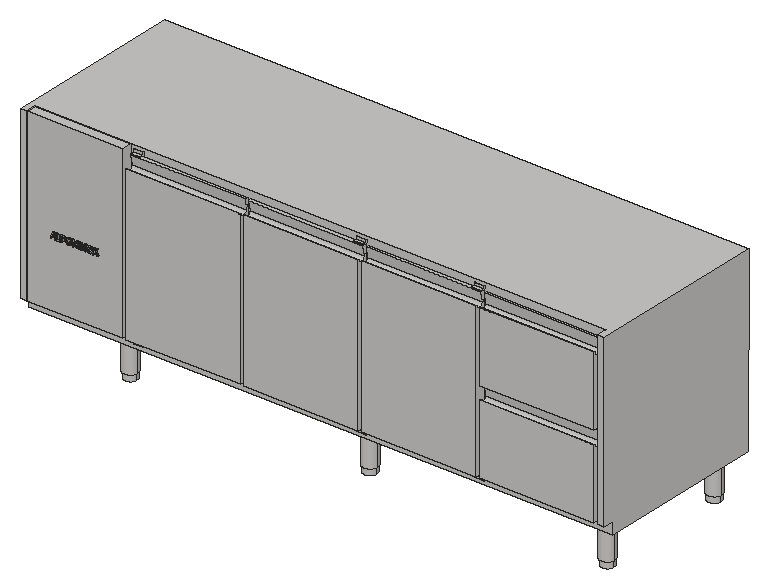
Revit family "QF_ALPENINOX_712066_AH4H7AAAB", category Specialty Equipment, Revit 2018 (continued)
Definition of nested family "ALP_Cooling Unit"
  Lines and regions (mm)
    Split face 125
      outline origin (55.016, 2, -221.122) x (0, 0, 1) y (-1, 0, 0)
        loop
          arc (510.649, 158.547) -> (506.648, 162.548) -> (502.647, 158.547) r 4.001
          line (502.647, 158.547) -> (502.647, 116.535)
          arc (502.647, 116.535) -> (506.648, 112.533) -> (510.649, 116.535) r 4.001
          line (510.649, 116.535) -> (510.649, 158.547)
    Split face 126
      outline origin (55.016, 2, -233.126) x (0, 0, 1) y (-1, 0, 0)
        loop
          arc (510.649, 158.547) -> (506.648, 162.548) -> (502.647, 158.547) r 4.001
          line (502.647, 158.547) -> (502.647, 116.535)
          arc (502.647, 116.535) -> (506.648, 112.533) -> (510.649, 116.535) r 4.001
          line (510.649, 116.535) -> (510.649, 158.547)
    Split face 127
      outline origin (55.016, 2, -245.129) x (0, 0, 1) y (-1, 0, 0)
        loop
          arc (510.649, 158.547) -> (506.648, 162.548) -> (502.647, 158.547) r 4.001
          line (502.647, 158.547) -> (502.647, 116.535)
          arc (502.647, 116.535) -> (506.648, 112.533) -> (510.649, 116.535) r 4.001
          line (510.649, 116.535) -> (510.649, 158.547)
    Split face 128
      outline origin (55.016, 2, -257.133) x (0, 0, 1) y (-1, 0, 0)
        loop
          arc (510.649, 158.547) -> (506.648, 162.548) -> (502.647, 158.547) r 4.001
          line (502.647, 158.547) -> (502.647, 116.535)
          arc (502.647, 116.535) -> (506.648, 112.533) -> (510.649, 116.535) r 4.001
          line (510.649, 116.535) -> (510.649, 158.547)
    Split face 129
      outline origin (55.016, 2, -269.136) x (0, 0, 1) y (-1, 0, 0)
        loop
          arc (510.649, 158.547) -> (506.648, 162.548) -> (502.647, 158.547) r 4.001
          line (502.647, 158.547) -> (502.647, 116.535)
          arc (502.647, 116.535) -> (506.648, 112.533) -> (510.649, 116.535) r 4.001
          line (510.649, 116.535) -> (510.649, 158.547)
    Split face 130
      outline origin (55.016, 2, -281.14) x (0, 0, 1) y (-1, 0, 0)
        loop
          arc (510.649, 158.547) -> (506.648, 162.548) -> (502.647, 158.547) r 4.001
          line (502.647, 158.547) -> (502.647, 116.535)
          arc (502.647, 116.535) -> (506.648, 112.533) -> (510.649, 116.535) r 4.001
          line (510.649, 116.535) -> (510.649, 158.547)
    Split face 131
      outline origin (55.016, 2, -293.144) x (0, 0, 1) y (-1, 0, 0)
        loop
          arc (510.649, 158.547) -> (506.648, 162.548) -> (502.647, 158.547) r 4.001
          line (502.647, 158.547) -> (502.647, 116.535)
          arc (502.647, 116.535) -> (506.648, 112.533) -> (510.649, 116.535) r 4.001
          line (510.649, 116.535) -> (510.649, 158.547)
    Split face 132
      outline origin (110.032, 2, -113.091) x (0, 0, 1) y (-1, 0, 0)
        loop
          arc (510.649, 158.547) -> (506.648, 162.548) -> (502.647, 158.547) r 4.001
          line (502.647, 158.547) -> (502.647, 116.535)
          arc (502.647, 116.535) -> (506.648, 112.533) -> (510.649, 116.535) r 4.001
          line (510.649, 116.535) -> (510.649, 158.547)
    Split face 133
      outline origin (110.032, 2, -125.094) x (0, 0, 1) y (-1, 0, 0)
        loop
          arc (510.649, 158.547) -> (506.648, 162.548) -> (502.647, 158.547) r 4.001
          line (502.647, 158.547) -> (502.647, 116.535)
          arc (502.647, 116.535) -> (506.648, 112.533) -> (510.649, 116.535) r 4.001
          line (510.649, 116.535) -> (510.649, 158.547)
    Split face 134
      outline origin (110.032, 2, -137.098) x (0, 0, 1) y (-1, 0, 0)
        loop
          arc (510.649, 158.547) -> (506.648, 162.548) -> (502.647, 158.547) r 4.001
          line (502.647, 158.547) -> (502.647, 116.535)
          arc (502.647, 116.535) -> (506.648, 112.533) -> (510.649, 116.535) r 4.001
          line (510.649, 116.535) -> (510.649, 158.547)
    Split face 135
      outline origin (110.032, 2, -149.101) x (0, 0, 1) y (-1, 0, 0)
        loop
          arc (510.649, 158.547) -> (506.648, 162.548) -> (502.647, 158.547) r 4.001
          line (502.647, 158.547) -> (502.647, 116.535)
          arc (502.647, 116.535) -> (506.648, 112.533) -> (510.649, 116.535) r 4.001
          line (510.649, 116.535) -> (510.649, 158.547)
    Split face 136
      outline origin (110.032, 2, -161.105) x (0, 0, 1) y (-1, 0, 0)
        loop
          arc (510.649, 158.547) -> (506.648, 162.548) -> (502.647, 158.547) r 4.001
          line (502.647, 158.547) -> (502.647, 116.535)
          arc (502.647, 116.535) -> (506.648, 112.533) -> (510.649, 116.535) r 4.001
          line (510.649, 116.535) -> (510.649, 158.547)
    Split face 137
      outline origin (110.032, 2, -173.108) x (0, 0, 1) y (-1, 0, 0)
        loop
          arc (510.649, 158.547) -> (506.648, 162.548) -> (502.647, 158.547) r 4.001
          line (502.647, 158.547) -> (502.647, 116.535)
          arc (502.647, 116.535) -> (506.648, 112.533) -> (510.649, 116.535) r 4.001
          line (510.649, 116.535) -> (510.649, 158.547)
    Split face 138
      outline origin (110.032, 2, -185.112) x (0, 0, 1) y (-1, 0, 0)
        loop
          arc (510.649, 158.547) -> (506.648, 162.548) -> (502.647, 158.547) r 4.001
          line (502.647, 158.547) -> (502.647, 116.535)
          arc (502.647, 116.535) -> (506.648, 112.533) -> (510.649, 116.535) r 4.001
          line (510.649, 116.535) -> (510.649, 158.547)
    Split face 139
      outline origin (110.032, 2, -197.115) x (0, 0, 1) y (-1, 0, 0)
        loop
          arc (510.649, 158.547) -> (506.648, 162.548) -> (502.647, 158.547) r 4.001
          line (502.647, 158.547) -> (502.647, 116.535)
          arc (502.647, 116.535) -> (506.648, 112.533) -> (510.649, 116.535) r 4.001
          line (510.649, 116.535) -> (510.649, 158.547)
    Split face 140
      outline origin (110.032, 2, -209.119) x (0, 0, 1) y (-1, 0, 0)
        loop
          arc (510.649, 158.547) -> (506.648, 162.548) -> (502.647, 158.547) r 4.001
          line (502.647, 158.547) -> (502.647, 116.535)
          arc (502.647, 116.535) -> (506.648, 112.533) -> (510.649, 116.535) r 4.001
          line (510.649, 116.535) -> (510.649, 158.547)
    Split face 141
      outline origin (110.032, 2, -221.122) x (0, 0, 1) y (-1, 0, 0)
        loop
          arc (510.649, 158.547) -> (506.648, 162.548) -> (502.647, 158.547) r 4.001
          line (502.647, 158.547) -> (502.647, 116.535)
          arc (502.647, 116.535) -> (506.648, 112.533) -> (510.649, 116.535) r 4.001
          line (510.649, 116.535) -> (510.649, 158.547)
    Split face 142
      outline origin (110.032, 2, -233.126) x (0, 0, 1) y (-1, 0, 0)
        loop
          arc (510.649, 158.547) -> (506.648, 162.548) -> (502.647, 158.547) r 4.001
          line (502.647, 158.547) -> (502.647, 116.535)
          arc (502.647, 116.535) -> (506.648, 112.533) -> (510.649, 116.535) r 4.001
          line (510.649, 116.535) -> (510.649, 158.547)
    Split face 143
      outline origin (110.032, 2, -245.129) x (0, 0, 1) y (-1, 0, 0)
        loop
          arc (510.649, 158.547) -> (506.648, 162.548) -> (502.647, 158.547) r 4.001
          line (502.647, 158.547) -> (502.647, 116.535)
          arc (502.647, 116.535) -> (506.648, 112.533) -> (510.649, 116.535) r 4.001
          line (510.649, 116.535) -> (510.649, 158.547)
    Split face 144
      outline origin (110.032, 2, -257.133) x (0, 0, 1) y (-1, 0, 0)
        loop
          arc (510.649, 158.547) -> (506.648, 162.548) -> (502.647, 158.547) r 4.001
          line (502.647, 158.547) -> (502.647, 116.535)
          arc (502.647, 116.535) -> (506.648, 112.533) -> (510.649, 116.535) r 4.001
          line (510.649, 116.535) -> (510.649, 158.547)
    Split face 145
      outline origin (110.032, 2, -269.136) x (0, 0, 1) y (-1, 0, 0)
        loop
          arc (510.649, 158.547) -> (506.648, 162.548) -> (502.647, 158.547) r 4.001
          line (502.647, 158.547) -> (502.647, 116.535)
          arc (502.647, 116.535) -> (506.648, 112.533) -> (510.649, 116.535) r 4.001
          line (510.649, 116.535) -> (510.649, 158.547)
    Split face 146
      outline origin (110.032, 2, -281.14) x (0, 0, 1) y (-1, 0, 0)
        loop
          arc (510.649, 158.547) -> (506.648, 162.548) -> (502.647, 158.547) r 4.001
          line (502.647, 158.547) -> (502.647, 116.535)
          arc (502.647, 116.535) -> (506.648, 112.533) -> (510.649, 116.535) r 4.001
          line (510.649, 116.535) -> (510.649, 158.547)
    Split face 147
      outline origin (110.032, 2, -293.144) x (0, 0, 1) y (-1, 0, 0)
        loop
          arc (510.649, 158.547) -> (506.648, 162.548) -> (502.647, 158.547) r 4.001
          line (502.647, 158.547) -> (502.647, 116.535)
          arc (502.647, 116.535) -> (506.648, 112.533) -> (510.649, 116.535) r 4.001
          line (510.649, 116.535) -> (510.649, 158.547)
    Split face 148
      outline origin (165.048, 2, -113.091) x (0, 0, 1) y (-1, 0, 0)
        loop
          arc (510.649, 158.547) -> (506.648, 162.548) -> (502.647, 158.547) r 4.001
          line (502.647, 158.547) -> (502.647, 116.535)
          arc (502.647, 116.535) -> (506.648, 112.533) -> (510.649, 116.535) r 4.001
          line (510.649, 116.535) -> (510.649, 158.547)
    Split face 149
      outline origin (165.048, 2, -125.094) x (0, 0, 1) y (-1, 0, 0)
        loop
          arc (510.649, 158.547) -> (506.648, 162.548) -> (502.647, 158.547) r 4.001
          line (502.647, 158.547) -> (502.647, 116.535)
          arc (502.647, 116.535) -> (506.648, 112.533) -> (510.649, 116.535) r 4.001
          line (510.649, 116.535) -> (510.649, 158.547)
    Split face 150
      outline origin (165.048, 2, -137.098) x (0, 0, 1) y (-1, 0, 0)
        loop
          arc (510.649, 158.547) -> (506.648, 162.548) -> (502.647, 158.547) r 4.001
          line (502.647, 158.547) -> (502.647, 116.535)
          arc (502.647, 116.535) -> (506.648, 112.533) -> (510.649, 116.535) r 4.001
          line (510.649, 116.535) -> (510.649, 158.547)
    Split face 151
      outline origin (165.048, 2, -149.101) x (0, 0, 1) y (-1, 0, 0)
        loop
          arc (510.649, 158.547) -> (506.648, 162.548) -> (502.647, 158.547) r 4.001
          line (502.647, 158.547) -> (502.647, 116.535)
          arc (502.647, 116.535) -> (506.648, 112.533) -> (510.649, 116.535) r 4.001
          line (510.649, 116.535) -> (510.649, 158.547)
    Split face 152
      outline origin (165.048, 2, -161.105) x (0, 0, 1) y (-1, 0, 0)
        loop
          arc (510.649, 158.547) -> (506.648, 162.548) -> (502.647, 158.547) r 4.001
          line (502.647, 158.547) -> (502.647, 116.535)
          arc (502.647, 116.535) -> (506.648, 112.533) -> (510.649, 116.535) r 4.001
          line (510.649, 116.535) -> (510.649, 158.547)
    Split face 153
      outline origin (165.048, 2, -173.108) x (0, 0, 1) y (-1, 0, 0)
        loop
          arc (510.649, 158.547) -> (506.648, 162.548) -> (502.647, 158.547) r 4.001
          line (502.647, 158.547) -> (502.647, 116.535)
          arc (502.647, 116.535) -> (506.648, 112.533) -> (510.649, 116.535) r 4.001
          line (510.649, 116.535) -> (510.649, 158.547)
    Split face 154
      outline origin (165.048, 2, -185.112) x (0, 0, 1) y (-1, 0, 0)
        loop
          arc (510.649, 158.547) -> (506.648, 162.548) -> (502.647, 158.547) r 4.001
          line (502.647, 158.547) -> (502.647, 116.535)
          arc (502.647, 116.535) -> (506.648, 112.533) -> (510.649, 116.535) r 4.001
          line (510.649, 116.535) -> (510.649, 158.547)
    Split face 155
      outline origin (165.048, 2, -197.115) x (0, 0, 1) y (-1, 0, 0)
        loop
          arc (510.649, 158.547) -> (506.648, 162.548) -> (502.647, 158.547) r 4.001
          line (502.647, 158.547) -> (502.647, 116.535)
          arc (502.647, 116.535) -> (506.648, 112.533) -> (510.649, 116.535) r 4.001
          line (510.649, 116.535) -> (510.649, 158.547)
    Split face 156
      outline origin (165.048, 2, -209.119) x (0, 0, 1) y (-1, 0, 0)
        loop
          arc (510.649, 158.547) -> (506.648, 162.548) -> (502.647, 158.547) r 4.001
          line (502.647, 158.547) -> (502.647, 116.535)
          arc (502.647, 116.535) -> (506.648, 112.533) -> (510.649, 116.535) r 4.001
          line (510.649, 116.535) -> (510.649, 158.547)
    Split face 157
      outline origin (165.048, 2, -221.122) x (0, 0, 1) y (-1, 0, 0)
        loop
          arc (510.649, 158.547) -> (506.648, 162.548) -> (502.647, 158.547) r 4.001
          line (502.647, 158.547) -> (502.647, 116.535)
          arc (502.647, 116.535) -> (506.648, 112.533) -> (510.649, 116.535) r 4.001
          line (510.649, 116.535) -> (510.649, 158.547)
    Split face 158
      outline origin (165.048, 2, -233.126) x (0, 0, 1) y (-1, 0, 0)
        loop
          arc (510.649, 158.547) -> (506.648, 162.548) -> (502.647, 158.547) r 4.001
          line (502.647, 158.547) -> (502.647, 116.535)
          arc (502.647, 116.535) -> (506.648, 112.533) -> (510.649, 116.535) r 4.001
          line (510.649, 116.535) -> (510.649, 158.547)
    Split face 159
      outline origin (165.048, 2, -245.129) x (0, 0, 1) y (-1, 0, 0)
        loop
          arc (510.649, 158.547) -> (506.648, 162.548) -> (502.647, 158.547) r 4.001
          line (502.647, 158.547) -> (502.647, 116.535)
          arc (502.647, 116.535) -> (506.648, 112.533) -> (510.649, 116.535) r 4.001
          line (510.649, 116.535) -> (510.649, 158.547)
    Split face 160
      outline origin (165.048, 2, -257.133) x (0, 0, 1) y (-1, 0, 0)
        loop
          arc (510.649, 158.547) -> (506.648, 162.548) -> (502.647, 158.547) r 4.001
          line (502.647, 158.547) -> (502.647, 116.535)
          arc (502.647, 116.535) -> (506.648, 112.533) -> (510.649, 116.535) r 4.001
          line (510.649, 116.535) -> (510.649, 158.547)
    Split face 161
      outline origin (165.048, 2, -269.136) x (0, 0, 1) y (-1, 0, 0)
        loop
          arc (510.649, 158.547) -> (506.648, 162.548) -> (502.647, 158.547) r 4.001
          line (502.647, 158.547) -> (502.647, 116.535)
          arc (502.647, 116.535) -> (506.648, 112.533) -> (510.649, 116.535) r 4.001
          line (510.649, 116.535) -> (510.649, 158.547)
    Split face 162
      outline origin (165.048, 2, -281.14) x (0, 0, 1) y (-1, 0, 0)
        loop
          arc (510.649, 158.547) -> (506.648, 162.548) -> (502.647, 158.547) r 4.001
          line (502.647, 158.547) -> (502.647, 116.535)
          arc (502.647, 116.535) -> (506.648, 112.533) -> (510.649, 116.535) r 4.001
          line (510.649, 116.535) -> (510.649, 158.547)
    Split face 163
      outline origin (165.048, 2, -293.144) x (0, 0, 1) y (-1, 0, 0)
        loop
          arc (510.649, 158.547) -> (506.648, 162.548) -> (502.647, 158.547) r 4.001
          line (502.647, 158.547) -> (502.647, 116.535)
          arc (502.647, 116.535) -> (506.648, 112.533) -> (510.649, 116.535) r 4.001
          line (510.649, 116.535) -> (510.649, 158.547)
    Split face 164
      outline origin (220.064, 2, -113.091) x (0, 0, 1) y (-1, 0, 0)
        loop
          arc (510.649, 158.547) -> (506.648, 162.548) -> (502.647, 158.547) r 4.001
          line (502.647, 158.547) -> (502.647, 116.535)
          arc (502.647, 116.535) -> (506.648, 112.533) -> (510.649, 116.535) r 4.001
          line (510.649, 116.535) -> (510.649, 158.547)
    Split face 165
      outline origin (220.064, 2, -125.094) x (0, 0, 1) y (-1, 0, 0)
        loop
          arc (510.649, 158.547) -> (506.648, 162.548) -> (502.647, 158.547) r 4.001
          line (502.647, 158.547) -> (502.647, 116.535)
          arc (502.647, 116.535) -> (506.648, 112.533) -> (510.649, 116.535) r 4.001
          line (510.649, 116.535) -> (510.649, 158.547)
    Split face 166
      outline origin (220.064, 2, -137.098) x (0, 0, 1) y (-1, 0, 0)
        loop
          arc (510.649, 158.547) -> (506.648, 162.548) -> (502.647, 158.547) r 4.001
          line (502.647, 158.547) -> (502.647, 116.535)
          arc (502.647, 116.535) -> (506.648, 112.533) -> (510.649, 116.535) r 4.001
          line (510.649, 116.535) -> (510.649, 158.547)
    Split face 167
      outline origin (220.064, 2, -149.101) x (0, 0, 1) y (-1, 0, 0)
        loop
          arc (510.649, 158.547) -> (506.648, 162.548) -> (502.647, 158.547) r 4.001
          line (502.647, 158.547) -> (502.647, 116.535)
          arc (502.647, 116.535) -> (506.648, 112.533) -> (510.649, 116.535) r 4.001
          line (510.649, 116.535) -> (510.649, 158.547)
    Split face 168
      outline origin (220.064, 2, -161.105) x (0, 0, 1) y (-1, 0, 0)
        loop
          arc (510.649, 158.547) -> (506.648, 162.548) -> (502.647, 158.547) r 4.001
          line (502.647, 158.547) -> (502.647, 116.535)
          arc (502.647, 116.535) -> (506.648, 112.533) -> (510.649, 116.535) r 4.001
          line (510.649, 116.535) -> (510.649, 158.547)
    Split face 169
      outline origin (220.064, 2, -173.108) x (0, 0, 1) y (-1, 0, 0)
        loop
          arc (510.649, 158.547) -> (506.648, 162.548) -> (502.647, 158.547) r 4.001
          line (502.647, 158.547) -> (502.647, 116.535)
          arc (502.647, 116.535) -> (506.648, 112.533) -> (510.649, 116.535) r 4.001
          line (510.649, 116.535) -> (510.649, 158.547)
    Split face 170
      outline origin (220.064, 2, -185.112) x (0, 0, 1) y (-1, 0, 0)
        loop
          arc (510.649, 158.547) -> (506.648, 162.548) -> (502.647, 158.547) r 4.001
          line (502.647, 158.547) -> (502.647, 116.535)
          arc (502.647, 116.535) -> (506.648, 112.533) -> (510.649, 116.535) r 4.001
          line (510.649, 116.535) -> (510.649, 158.547)
    Split face 171
      outline origin (220.064, 2, -197.115) x (0, 0, 1) y (-1, 0, 0)
        loop
          arc (510.649, 158.547) -> (506.648, 162.548) -> (502.647, 158.547) r 4.001
          line (502.647, 158.547) -> (502.647, 116.535)
          arc (502.647, 116.535) -> (506.648, 112.533) -> (510.649, 116.535) r 4.001
          line (510.649, 116.535) -> (510.649, 158.547)
    Split face 172
      outline origin (220.064, 2, -209.119) x (0, 0, 1) y (-1, 0, 0)
        loop
          arc (510.649, 158.547) -> (506.648, 162.548) -> (502.647, 158.547) r 4.001
          line (502.647, 158.547) -> (502.647, 116.535)
          arc (502.647, 116.535) -> (506.648, 112.533) -> (510.649, 116.535) r 4.001
          line (510.649, 116.535) -> (510.649, 158.547)
    Split face 173
      outline origin (220.064, 2, -221.122) x (0, 0, 1) y (-1, 0, 0)
        loop
          arc (510.649, 158.547) -> (506.648, 162.548) -> (502.647, 158.547) r 4.001
          line (502.647, 158.547) -> (502.647, 116.535)
          arc (502.647, 116.535) -> (506.648, 112.533) -> (510.649, 116.535) r 4.001
          line (510.649, 116.535) -> (510.649, 158.547)
    Split face 174
      outline origin (220.064, 2, -233.126) x (0, 0, 1) y (-1, 0, 0)
        loop
          arc (510.649, 158.547) -> (506.648, 162.548) -> (502.647, 158.547) r 4.001
          line (502.647, 158.547) -> (502.647, 116.535)
          arc (502.647, 116.535) -> (506.648, 112.533) -> (510.649, 116.535) r 4.001
          line (510.649, 116.535) -> (510.649, 158.547)
    Split face 175
      outline origin (220.064, 2, -245.129) x (0, 0, 1) y (-1, 0, 0)
        loop
          arc (510.649, 158.547) -> (506.648, 162.548) -> (502.647, 158.547) r 4.001
          line (502.647, 158.547) -> (502.647, 116.535)
          arc (502.647, 116.535) -> (506.648, 112.533) -> (510.649, 116.535) r 4.001
          line (510.649, 116.535) -> (510.649, 158.547)
    Split face 176
      outline origin (220.064, 2, -257.133) x (0, 0, 1) y (-1, 0, 0)
        loop
          arc (510.649, 158.547) -> (506.648, 162.548) -> (502.647, 158.547) r 4.001
          line (502.647, 158.547) -> (502.647, 116.535)
          arc (502.647, 116.535) -> (506.648, 112.533) -> (510.649, 116.535) r 4.001
          line (510.649, 116.535) -> (510.649, 158.547)
    Split face 177
      outline origin (220.064, 2, -269.136) x (0, 0, 1) y (-1, 0, 0)
        loop
          arc (510.649, 158.547) -> (506.648, 162.548) -> (502.647, 158.547) r 4.001
          line (502.647, 158.547) -> (502.647, 116.535)
          arc (502.647, 116.535) -> (506.648, 112.533) -> (510.649, 116.535) r 4.001
          line (510.649, 116.535) -> (510.649, 158.547)
    Split face 178
      outline origin (220.064, 2, -281.14) x (0, 0, 1) y (-1, 0, 0)
        loop
          arc (510.649, 158.547) -> (506.648, 162.548) -> (502.647, 158.547) r 4.001
          line (502.647, 158.547) -> (502.647, 116.535)
          arc (502.647, 116.535) -> (506.648, 112.533) -> (510.649, 116.535) r 4.001
          line (510.649, 116.535) -> (510.649, 158.547)
    Split face 179
      outline origin (220.064, 2, -293.144) x (0, 0, 1) y (-1, 0, 0)
        loop
          arc (510.649, 158.547) -> (506.648, 162.548) -> (502.647, 158.547) r 4.001
          line (502.647, 158.547) -> (502.647, 116.535)
          arc (502.647, 116.535) -> (506.648, 112.533) -> (510.649, 116.535) r 4.001
          line (510.649, 116.535) -> (510.649, 158.547)
    Split face 180
      outline origin (275.081, 2, -113.091) x (0, 0, 1) y (-1, 0, 0)
        loop
          arc (510.649, 158.547) -> (506.648, 162.548) -> (502.647, 158.547) r 4.001
          line (502.647, 158.547) -> (502.647, 116.535)
          arc (502.647, 116.535) -> (506.648, 112.533) -> (510.649, 116.535) r 4.001
          line (510.649, 116.535) -> (510.649, 158.547)
    Split face 181
      outline origin (275.081, 2, -125.094) x (0, 0, 1) y (-1, 0, 0)
        loop
          arc (510.649, 158.547) -> (506.648, 162.548) -> (502.647, 158.547) r 4.001
          line (502.647, 158.547) -> (502.647, 116.535)
          arc (502.647, 116.535) -> (506.648, 112.533) -> (510.649, 116.535) r 4.001
          line (510.649, 116.535) -> (510.649, 158.547)
    Split face 182
      outline origin (275.081, 2, -137.098) x (0, 0, 1) y (-1, 0, 0)
        loop
          arc (510.649, 158.547) -> (506.648, 162.548) -> (502.647, 158.547) r 4.001
          line (502.647, 158.547) -> (502.647, 116.535)
          arc (502.647, 116.535) -> (506.648, 112.533) -> (510.649, 116.535) r 4.001
          line (510.649, 116.535) -> (510.649, 158.547)
    Split face 183
      outline origin (275.081, 2, -149.101) x (0, 0, 1) y (-1, 0, 0)
        loop
          arc (510.649, 158.547) -> (506.648, 162.548) -> (502.647, 158.547) r 4.001
          line (502.647, 158.547) -> (502.647, 116.535)
          arc (502.647, 116.535) -> (506.648, 112.533) -> (510.649, 116.535) r 4.001
          line (510.649, 116.535) -> (510.649, 158.547)
    Split face 184
      outline origin (275.081, 2, -161.105) x (0, 0, 1) y (-1, 0, 0)
        loop
          arc (510.649, 158.547) -> (506.648, 162.548) -> (502.647, 158.547) r 4.001
          line (502.647, 158.547) -> (502.647, 116.535)
          arc (502.647, 116.535) -> (506.648, 112.533) -> (510.649, 116.535) r 4.001
          line (510.649, 116.535) -> (510.649, 158.547)
    Split face 185
      outline origin (275.081, 2, -173.108) x (0, 0, 1) y (-1, 0, 0)
        loop
          arc (510.649, 158.547) -> (506.648, 162.548) -> (502.647, 158.547) r 4.001
          line (502.647, 158.547) -> (502.647, 116.535)
          arc (502.647, 116.535) -> (506.648, 112.533) -> (510.649, 116.535) r 4.001
          line (510.649, 116.535) -> (510.649, 158.547)
    Split face 186
      outline origin (275.081, 2, -185.112) x (0, 0, 1) y (-1, 0, 0)
        loop
          arc (510.649, 158.547) -> (506.648, 162.548) -> (502.647, 158.547) r 4.001
          line (502.647, 158.547) -> (502.647, 116.535)
          arc (502.647, 116.535) -> (506.648, 112.533) -> (510.649, 116.535) r 4.001
          line (510.649, 116.535) -> (510.649, 158.547)
    Split face 187
      outline origin (275.081, 2, -197.115) x (0, 0, 1) y (-1, 0, 0)
        loop
          arc (510.649, 158.547) -> (506.648, 162.548) -> (502.647, 158.547) r 4.001
          line (502.647, 158.547) -> (502.647, 116.535)
          arc (502.647, 116.535) -> (506.648, 112.533) -> (510.649, 116.535) r 4.001
          line (510.649, 116.535) -> (510.649, 158.547)
    Split face 188
      outline origin (275.081, 2, -209.119) x (0, 0, 1) y (-1, 0, 0)
        loop
          arc (510.649, 158.547) -> (506.648, 162.548) -> (502.647, 158.547) r 4.001
          line (502.647, 158.547) -> (502.647, 116.535)
          arc (502.647, 116.535) -> (506.648, 112.533) -> (510.649, 116.535) r 4.001
          line (510.649, 116.535) -> (510.649, 158.547)
    Split face 189
      outline origin (275.081, 2, -221.122) x (0, 0, 1) y (-1, 0, 0)
        loop
          arc (510.649, 158.547) -> (506.648, 162.548) -> (502.647, 158.547) r 4.001
          line (502.647, 158.547) -> (502.647, 116.535)
          arc (502.647, 116.535) -> (506.648, 112.533) -> (510.649, 116.535) r 4.001
          line (510.649, 116.535) -> (510.649, 158.547)
    Split face 190
      outline origin (275.081, 2, -233.126) x (0, 0, 1) y (-1, 0, 0)
        loop
          arc (510.649, 158.547) -> (506.648, 162.548) -> (502.647, 158.547) r 4.001
          line (502.647, 158.547) -> (502.647, 116.535)
          arc (502.647, 116.535) -> (506.648, 112.533) -> (510.649, 116.535) r 4.001
          line (510.649, 116.535) -> (510.649, 158.547)
    Split face 191
      outline origin (275.081, 2, -245.129) x (0, 0, 1) y (-1, 0, 0)
        loop
          arc (510.649, 158.547) -> (506.648, 162.548) -> (502.647, 158.547) r 4.001
          line (502.647, 158.547) -> (502.647, 116.535)
          arc (502.647, 116.535) -> (506.648, 112.533) -> (510.649, 116.535) r 4.001
          line (510.649, 116.535) -> (510.649, 158.547)
    Split face 192
      outline origin (275.081, 2, -257.133) x (0, 0, 1) y (-1, 0, 0)
        loop
          arc (510.649, 158.547) -> (506.648, 162.548) -> (502.647, 158.547) r 4.001
          line (502.647, 158.547) -> (502.647, 116.535)
          arc (502.647, 116.535) -> (506.648, 112.533) -> (510.649, 116.535) r 4.001
          line (510.649, 116.535) -> (510.649, 158.547)
    Split face 193
      outline origin (275.081, 2, -269.136) x (0, 0, 1) y (-1, 0, 0)
        loop
          arc (510.649, 158.547) -> (506.648, 162.548) -> (502.647, 158.547) r 4.001
          line (502.647, 158.547) -> (502.647, 116.535)
          arc (502.647, 116.535) -> (506.648, 112.533) -> (510.649, 116.535) r 4.001
          line (510.649, 116.535) -> (510.649, 158.547)
    Split face 194
      outline origin (275.081, 2, -281.14) x (0, 0, 1) y (-1, 0, 0)
        loop
          arc (510.649, 158.547) -> (506.648, 162.548) -> (502.647, 158.547) r 4.001
          line (502.647, 158.547) -> (502.647, 116.535)
          arc (502.647, 116.535) -> (506.648, 112.533) -> (510.649, 116.535) r 4.001
          line (510.649, 116.535) -> (510.649, 158.547)
    Split face 195
      outline origin (275.081, 2, -293.144) x (0, 0, 1) y (-1, 0, 0)
        loop
          arc (510.649, 158.547) -> (506.648, 162.548) -> (502.647, 158.547) r 4.001
          line (502.647, 158.547) -> (502.647, 116.535)
          arc (502.647, 116.535) -> (506.648, 112.533) -> (510.649, 116.535) r 4.001
          line (510.649, 116.535) -> (510.649, 158.547)
  Dimensions and locks
    aligned and locked: level to plane 2
  Nested families
    nested 1: "ALP_Logo_S" at (0, 2, 458.586) x (1, 0, 0) z (0, -1, 0), visible <- "Show Logo", type "ALP_Logo_S"
  Definition of nested family "ALP_Logo_S"
    Parameters
      Default Elevation = 0 mm
    Reference planes
      plane 1 "Centro (Fronte/Retro)": y = 0
      plane 2: z = 0
      plane 3 "Centro (Sinistra/Destra)": x = 0
    Forms (mm)
      Extrusion 1, solid
        sketch origin (0, 0, 0) x (1, 0, 0) y (0, 1, 0)
          loop
            line (-1219.2, 1219.2) -> (-1219.2, -1219.2) -> (1219.2, -1219.2) -> (1219.2, 1219.2) -> (-1219.2, 1219.2)
        from 0 to -304.8
      Extrusion 2, solid
        sketch origin (17.793, -46.218, 0) x (-1, 0, 0) y (0, -1, 0)
          loop
            line (109.007, -37.469) -> (109.244, -36.361)
            spline (109.244, -36.361) -> (109.221, -36.03) -> (109.153, -35.716) -> (109.043, -35.42) -> (108.895, -35.146) -> (108.713, -34.896) -> (108.498, -34.671) -> (108.255, -34.475) -> (107.987, -34.309) -> (107.697, -34.176) -> (107.388, -34.078) -> (107.064, -34.017) -> (106.728, -33.997)
            spline (106.728, -33.997) -> (106.393, -34.012) -> (106.085, -34.057) -> (105.803, -34.129) -> (105.547, -34.228) -> (105.315, -34.352) -> (105.105, -34.499) -> (104.918, -34.668) -> (104.752, -34.858) -> (104.605, -35.066) -> (104.478, -35.291) -> (104.368, -35.532) -> (104.275, -35.787)
            line (104.275, -35.787) -> (103.256, -38.92) -> (93.799, -38.92) -> (92.773, -35.75)
            spline (92.773, -35.75) -> (92.68, -35.504) -> (92.57, -35.27) -> (92.443, -35.05) -> (92.296, -34.847) -> (92.129, -34.661) -> (91.941, -34.495) -> (91.729, -34.35) -> (91.494, -34.227) -> (91.234, -34.129) -> (90.948, -34.056) -> (90.634, -34.012) -> (90.292, -33.997)
            spline (90.292, -33.997) -> (89.98, -34.015) -> (89.679, -34.07) -> (89.392, -34.16) -> (89.122, -34.282) -> (88.871, -34.436) -> (88.644, -34.618) -> (88.442, -34.828) -> (88.271, -35.063) -> (88.132, -35.322) -> (88.028, -35.604) -> (87.964, -35.905) -> (87.942, -36.225)
            line (87.942, -36.225) -> (88.215, -37.469) -> (94.885, -55.826)
            spline (94.885, -55.826) -> (95.044, -56.22) -> (95.23, -56.593) -> (95.444, -56.943) -> (95.685, -57.268) -> (95.953, -57.564) -> (96.246, -57.829) -> (96.565, -58.06) -> (96.909, -58.255) -> (97.278, -58.412) -> (97.672, -58.527) -> (98.088, -58.597) -> (98.529, -58.622)
            spline (98.529, -58.622) -> (98.953, -58.596) -> (99.359, -58.522) -> (99.746, -58.402) -> (100.112, -58.241) -> (100.457, -58.04) -> (100.78, -57.804) -> (101.078, -57.536) -> (101.351, -57.238) -> (101.599, -56.916) -> (101.818, -56.57) -> (102.009, -56.206) -> (102.171, -55.826)
            line (102.171, -55.826) -> (109.007, -37.469)
          loop
            line (101.794, -43.576) -> (95.326, -43.576) -> (98.522, -53.458) -> (101.794, -43.576)
          loop
            spline (85.755, -36.964) -> (85.735, -36.556) -> (85.675, -36.175) -> (85.576, -35.822) -> (85.439, -35.499) -> (85.266, -35.208) -> (85.056, -34.95) -> (84.812, -34.727) -> (84.534, -34.541) -> (84.223, -34.394) -> (83.881, -34.286) -> (83.507, -34.22) -> (83.104, -34.198)
            line (83.104, -34.198) -> (74.598, -34.198)
            spline (74.598, -34.198) -> (74.236, -34.221) -> (73.9, -34.286) -> (73.592, -34.39) -> (73.311, -34.528) -> (73.058, -34.698) -> (72.835, -34.895) -> (72.641, -35.114) -> (72.478, -35.354) -> (72.347, -35.608) -> (72.247, -35.874) -> (72.181, -36.148) -> (72.148, -36.426)
            spline (72.148, -36.426) -> (72.156, -36.715) -> (72.197, -37.004) -> (72.272, -37.289) -> (72.382, -37.565) -> (72.528, -37.827) -> (72.709, -38.07) -> (72.927, -38.288) -> (73.183, -38.478) -> (73.478, -38.635) -> (73.811, -38.752) -> (74.184, -38.827) -> (74.598, -38.852)
            line (74.598, -38.852) -> (80.653, -38.852) -> (80.653, -55.789)
            spline (80.653, -55.789) -> (80.675, -56.195) -> (80.741, -56.569) -> (80.846, -56.912) -> (80.99, -57.221) -> (81.169, -57.497) -> (81.381, -57.738) -> (81.624, -57.944) -> (81.894, -58.114) -> (82.191, -58.247) -> (82.51, -58.343) -> (82.85, -58.402) -> (83.208, -58.421)
            spline (83.208, -58.421) -> (83.565, -58.402) -> (83.904, -58.343) -> (84.222, -58.247) -> (84.517, -58.114) -> (84.787, -57.944) -> (85.029, -57.738) -> (85.241, -57.497) -> (85.419, -57.221) -> (85.563, -56.912) -> (85.668, -56.569) -> (85.733, -56.195) -> (85.755, -55.789)
            line (85.755, -55.789) -> (85.755, -36.964)
          loop
            spline (69.963, -36.629) -> (69.941, -36.222) -> (69.876, -35.847) -> (69.77, -35.505) -> (69.627, -35.196) -> (69.448, -34.921) -> (69.236, -34.68) -> (68.993, -34.474) -> (68.723, -34.305) -> (68.427, -34.171) -> (68.108, -34.075) -> (67.769, -34.017) -> (67.412, -33.998)
            spline (67.412, -33.998) -> (67.055, -34.017) -> (66.716, -34.075) -> (66.397, -34.171) -> (66.101, -34.305) -> (65.832, -34.474) -> (65.59, -34.68) -> (65.378, -34.921) -> (65.2, -35.196) -> (65.057, -35.505) -> (64.951, -35.847) -> (64.886, -36.222) -> (64.864, -36.629)
            line (64.864, -36.629) -> (64.864, -42.161) -> (61.085, -42.161)
            spline (61.085, -42.161) -> (59.938, -42.224) -> (58.836, -42.411) -> (57.789, -42.717) -> (56.807, -43.139) -> (55.902, -43.671) -> (55.083, -44.311) -> (54.361, -45.053) -> (53.747, -45.894) -> (53.251, -46.829) -> (52.884, -47.854) -> (52.656, -48.965) -> (52.577, -50.158)
            spline (52.577, -50.158) -> (52.653, -51.33) -> (52.875, -52.429) -> (53.235, -53.452) -> (53.724, -54.391) -> (54.334, -55.241) -> (55.057, -55.997) -> (55.884, -56.652) -> (56.807, -57.201) -> (57.817, -57.638) -> (58.906, -57.957) -> (60.067, -58.153) -> (61.289, -58.22)
            line (61.289, -58.22) -> (67.306, -58.22)
            spline (67.306, -58.22) -> (67.716, -58.198) -> (68.095, -58.135) -> (68.44, -58.031) -> (68.752, -57.889) -> (69.031, -57.711) -> (69.274, -57.498) -> (69.482, -57.251) -> (69.653, -56.974) -> (69.788, -56.667) -> (69.885, -56.332) -> (69.944, -55.972) -> (69.963, -55.587)
            line (69.963, -55.587) -> (69.963, -36.629)
          loop
            line (64.864, -53.764) -> (64.864, -46.61) -> (61.384, -46.61)
            spline (61.384, -46.61) -> (60.866, -46.642) -> (60.382, -46.735) -> (59.935, -46.885) -> (59.526, -47.089) -> (59.158, -47.342) -> (58.832, -47.641) -> (58.551, -47.983) -> (58.317, -48.362) -> (58.131, -48.777) -> (57.995, -49.222) -> (57.913, -49.694) -> (57.885, -50.189)
            spline (57.885, -50.189) -> (57.913, -50.684) -> (57.995, -51.156) -> (58.131, -51.601) -> (58.317, -52.015) -> (58.551, -52.394) -> (58.832, -52.735) -> (59.158, -53.034) -> (59.526, -53.287) -> (59.935, -53.49) -> (60.382, -53.64) -> (60.866, -53.733) -> (61.384, -53.764)
            line (61.384, -53.764) -> (64.864, -53.764)
          loop
            spline (32.388, -43.737) -> (31.645, -43.763) -> (30.977, -43.84) -> (30.381, -43.966) -> (29.857, -44.139) -> (29.401, -44.355) -> (29.012, -44.613) -> (28.688, -44.91) -> (28.428, -45.245) -> (28.228, -45.614) -> (28.088, -46.015) -> (28.006, -46.447) -> (27.979, -46.906)
            spline (27.979, -46.906) -> (28.073, -48.241) -> (28.349, -49.591) -> (28.801, -50.931) -> (29.42, -52.236) -> (30.198, -53.481) -> (31.128, -54.642) -> (32.202, -55.693) -> (33.412, -56.608) -> (34.751, -57.364) -> (36.211, -57.935) -> (37.784, -58.296) -> (39.462, -58.422)
            spline (39.462, -58.422) -> (41.103, -58.303) -> (42.649, -57.959) -> (44.091, -57.408) -> (45.422, -56.668) -> (46.63, -55.759) -> (47.707, -54.697) -> (48.644, -53.501) -> (49.431, -52.19) -> (50.059, -50.782) -> (50.52, -49.295) -> (50.803, -47.748) -> (50.899, -46.159)
            spline (50.899, -46.159) -> (50.801, -44.451) -> (50.511, -42.83) -> (50.039, -41.308) -> (49.392, -39.896) -> (48.579, -38.607) -> (47.608, -37.451) -> (46.488, -36.441) -> (45.226, -35.588) -> (43.831, -34.905) -> (42.311, -34.402) -> (40.675, -34.091) -> (38.93, -33.985)
            spline (38.93, -33.985) -> (37.728, -34.039) -> (36.511, -34.193) -> (35.301, -34.44) -> (34.12, -34.77) -> (32.993, -35.175) -> (31.942, -35.645) -> (30.99, -36.172) -> (30.16, -36.746) -> (29.474, -37.36) -> (28.956, -38.004) -> (28.628, -38.669) -> (28.514, -39.347)
            spline (28.514, -39.347) -> (28.53, -39.685) -> (28.577, -40.017) -> (28.656, -40.338) -> (28.765, -40.643) -> (28.905, -40.928) -> (29.073, -41.19) -> (29.27, -41.423) -> (29.495, -41.623) -> (29.748, -41.787) -> (30.028, -41.91) -> (30.333, -41.987) -> (30.665, -42.014)
            spline (30.665, -42.014) -> (31.199, -41.95) -> (31.712, -41.768) -> (32.22, -41.491) -> (32.738, -41.145) -> (33.281, -40.752) -> (33.868, -40.337) -> (34.512, -39.924) -> (35.23, -39.537) -> (36.038, -39.199) -> (36.952, -38.934) -> (37.987, -38.768) -> (39.161, -38.722)
            spline (39.161, -38.722) -> (39.894, -38.774) -> (40.606, -38.897) -> (41.291, -39.091) -> (41.943, -39.354) -> (42.554, -39.684) -> (43.119, -40.08) -> (43.632, -40.54) -> (44.086, -41.061) -> (44.475, -41.643) -> (44.792, -42.285) -> (45.032, -42.983) -> (45.188, -43.737)
            line (45.188, -43.737) -> (32.388, -43.737)
          loop
            line (45.321, -48.475) -> (33.559, -48.475)
            spline (33.559, -48.475) -> (33.693, -49.163) -> (33.914, -49.841) -> (34.214, -50.497) -> (34.588, -51.123) -> (35.029, -51.71) -> (35.531, -52.248) -> (36.087, -52.729) -> (36.691, -53.143) -> (37.337, -53.481) -> (38.018, -53.734) -> (38.729, -53.893) -> (39.462, -53.948)
            spline (39.462, -53.948) -> (40.168, -53.891) -> (40.86, -53.728) -> (41.531, -53.468) -> (42.173, -53.123) -> (42.779, -52.701) -> (43.339, -52.214) -> (43.847, -51.671) -> (44.295, -51.082) -> (44.674, -50.458) -> (44.976, -49.809) -> (45.195, -49.144) -> (45.321, -48.475)
          loop
            spline (25.297, -36.629) -> (25.275, -36.222) -> (25.209, -35.847) -> (25.103, -35.505) -> (24.958, -35.196) -> (24.779, -34.92) -> (24.566, -34.679) -> (24.323, -34.474) -> (24.052, -34.304) -> (23.755, -34.17) -> (23.436, -34.074) -> (23.096, -34.016) -> (22.739, -33.997)
            spline (22.739, -33.997) -> (22.382, -34.016) -> (22.043, -34.074) -> (21.724, -34.17) -> (21.429, -34.304) -> (21.158, -34.474) -> (20.916, -34.679) -> (20.704, -34.92) -> (20.525, -35.196) -> (20.382, -35.505) -> (20.276, -35.847) -> (20.211, -36.222) -> (20.189, -36.629)
            line (20.189, -36.629) -> (20.189, -49.304) -> (9.333, -35.11) -> (7.187, -33.997)
            spline (7.187, -33.997) -> (6.83, -34.016) -> (6.49, -34.074) -> (6.172, -34.17) -> (5.876, -34.304) -> (5.606, -34.474) -> (5.363, -34.679) -> (5.151, -34.92) -> (4.972, -35.196) -> (4.829, -35.505) -> (4.723, -35.847) -> (4.658, -36.222) -> (4.636, -36.629)
            line (4.636, -36.629) -> (4.636, -55.789)
            spline (4.636, -55.789) -> (4.658, -56.195) -> (4.723, -56.569) -> (4.829, -56.912) -> (4.972, -57.221) -> (5.151, -57.497) -> (5.363, -57.738) -> (5.606, -57.944) -> (5.876, -58.114) -> (6.172, -58.247) -> (6.49, -58.343) -> (6.83, -58.402) -> (7.187, -58.421)
            spline (7.187, -58.421) -> (7.545, -58.402) -> (7.885, -58.343) -> (8.204, -58.247) -> (8.5, -58.114) -> (8.771, -57.944) -> (9.014, -57.738) -> (9.226, -57.497) -> (9.405, -57.221) -> (9.549, -56.912) -> (9.654, -56.569) -> (9.719, -56.195) -> (9.742, -55.789)
            line (9.742, -55.789) -> (9.742, -42.947) -> (20.597, -57.305) -> (22.739, -58.421)
            spline (22.739, -58.421) -> (23.096, -58.402) -> (23.436, -58.343) -> (23.755, -58.247) -> (24.052, -58.114) -> (24.323, -57.944) -> (24.566, -57.738) -> (24.779, -57.497) -> (24.958, -57.221) -> (25.103, -56.912) -> (25.209, -56.569) -> (25.275, -56.195) -> (25.297, -55.789)
            line (25.297, -55.789) -> (25.297, -36.629)
          loop
            spline (1.445, -36.629) -> (1.422, -36.222) -> (1.357, -35.847) -> (1.252, -35.505) -> (1.108, -35.196) -> (0.929, -34.92) -> (0.717, -34.679) -> (0.475, -34.474) -> (0.204, -34.304) -> (-0.092, -34.17) -> (-0.411, -34.074) -> (-0.751, -34.016) -> (-1.109, -33.997)
            spline (-1.109, -33.997) -> (-1.467, -34.016) -> (-1.807, -34.074) -> (-2.125, -34.17) -> (-2.421, -34.304) -> (-2.691, -34.474) -> (-2.933, -34.679) -> (-3.145, -34.92) -> (-3.324, -35.196) -> (-3.467, -35.505) -> (-3.572, -35.847) -> (-3.637, -36.222) -> (-3.659, -36.629)
            line (-3.659, -36.629) -> (-3.659, -55.789)
            spline (-3.659, -55.789) -> (-3.637, -56.195) -> (-3.572, -56.569) -> (-3.467, -56.912) -> (-3.324, -57.221) -> (-3.145, -57.497) -> (-2.933, -57.738) -> (-2.691, -57.944) -> (-2.421, -58.114) -> (-2.125, -58.247) -> (-1.807, -58.343) -> (-1.467, -58.402) -> (-1.109, -58.421)
            spline (-1.109, -58.421) -> (-0.751, -58.402) -> (-0.411, -58.343) -> (-0.092, -58.247) -> (0.204, -58.114) -> (0.475, -57.944) -> (0.717, -57.738) -> (0.929, -57.497) -> (1.108, -57.221) -> (1.252, -56.912) -> (1.357, -56.569) -> (1.422, -56.195) -> (1.445, -55.789)
            line (1.445, -55.789) -> (1.445, -36.629)
          loop
            spline (-6.852, -36.629) -> (-6.875, -36.222) -> (-6.94, -35.847) -> (-7.045, -35.505) -> (-7.189, -35.196) -> (-7.368, -34.92) -> (-7.58, -34.679) -> (-7.822, -34.474) -> (-8.092, -34.304) -> (-8.388, -34.17) -> (-8.706, -34.074) -> (-9.046, -34.016) -> (-9.403, -33.997)
            spline (-9.403, -33.997) -> (-9.76, -34.016) -> (-10.1, -34.074) -> (-10.42, -34.17) -> (-10.716, -34.304) -> (-10.987, -34.474) -> (-11.23, -34.679) -> (-11.442, -34.92) -> (-11.621, -35.196) -> (-11.765, -35.505) -> (-11.871, -35.847) -> (-11.936, -36.222) -> (-11.958, -36.629)
            line (-11.958, -36.629) -> (-11.958, -49.304) -> (-22.814, -35.11) -> (-24.958, -33.997)
            spline (-24.958, -33.997) -> (-25.315, -34.016) -> (-25.655, -34.074) -> (-25.974, -34.17) -> (-26.27, -34.304) -> (-26.541, -34.474) -> (-26.784, -34.679) -> (-26.996, -34.92) -> (-27.175, -35.196) -> (-27.319, -35.505) -> (-27.424, -35.847) -> (-27.49, -36.222) -> (-27.512, -36.629)
            line (-27.512, -36.629) -> (-27.512, -55.789)
            spline (-27.512, -55.789) -> (-27.49, -56.195) -> (-27.424, -56.569) -> (-27.319, -56.912) -> (-27.175, -57.221) -> (-26.996, -57.497) -> (-26.784, -57.738) -> (-26.541, -57.944) -> (-26.27, -58.114) -> (-25.974, -58.247) -> (-25.655, -58.343) -> (-25.315, -58.402) -> (-24.958, -58.421)
            spline (-24.958, -58.421) -> (-24.6, -58.402) -> (-24.26, -58.343) -> (-23.941, -58.247) -> (-23.646, -58.114) -> (-23.375, -57.944) -> (-23.133, -57.738) -> (-22.921, -57.497) -> (-22.743, -57.221) -> (-22.599, -56.912) -> (-22.494, -56.569) -> (-22.429, -56.195) -> (-22.407, -55.789)
            line (-22.407, -55.789) -> (-22.407, -42.949) -> (-11.549, -57.305) -> (-9.403, -58.421)
            spline (-9.403, -58.421) -> (-9.046, -58.402) -> (-8.706, -58.343) -> (-8.388, -58.247) -> (-8.092, -58.114) -> (-7.822, -57.944) -> (-7.58, -57.738) -> (-7.368, -57.497) -> (-7.189, -57.221) -> (-7.045, -56.912) -> (-6.94, -56.569) -> (-6.875, -56.195) -> (-6.852, -55.789)
            line (-6.852, -55.789) -> (-6.852, -36.629)
          loop
            spline (-41.905, -33.794) -> (-43.601, -33.905) -> (-45.194, -34.229) -> (-46.677, -34.752) -> (-48.04, -35.461) -> (-49.275, -36.342) -> (-50.373, -37.383) -> (-51.326, -38.569) -> (-52.125, -39.887) -> (-52.761, -41.323) -> (-53.226, -42.864) -> (-53.512, -44.497) -> (-53.609, -46.208)
            spline (-53.609, -46.208) -> (-53.509, -47.892) -> (-53.217, -49.507) -> (-52.742, -51.038) -> (-52.094, -52.472) -> (-51.284, -53.792) -> (-50.321, -54.984) -> (-49.216, -56.034) -> (-47.978, -56.926) -> (-46.618, -57.646) -> (-45.146, -58.178) -> (-43.572, -58.509) -> (-41.905, -58.622)
            spline (-41.905, -58.622) -> (-40.216, -58.512) -> (-38.628, -58.19) -> (-37.148, -57.669) -> (-35.785, -56.962) -> (-34.549, -56.084) -> (-33.449, -55.046) -> (-32.493, -53.861) -> (-31.691, -52.544) -> (-31.051, -51.107) -> (-30.583, -49.563) -> (-30.296, -47.926) -> (-30.198, -46.208)
            spline (-30.198, -46.208) -> (-30.296, -44.497) -> (-30.585, -42.864) -> (-31.055, -41.323) -> (-31.697, -39.887) -> (-32.502, -38.569) -> (-33.46, -37.383) -> (-34.562, -36.342) -> (-35.798, -35.461) -> (-37.16, -34.752) -> (-38.638, -34.229) -> (-40.223, -33.905) -> (-41.905, -33.794)
          loop
            spline (-41.905, -38.45) -> (-42.938, -38.524) -> (-43.878, -38.739) -> (-44.726, -39.084) -> (-45.482, -39.548) -> (-46.147, -40.119) -> (-46.722, -40.787) -> (-47.206, -41.541) -> (-47.601, -42.37) -> (-47.907, -43.262) -> (-48.125, -44.206) -> (-48.256, -45.192) -> (-48.299, -46.208)
            spline (-48.299, -46.208) -> (-48.255, -47.219) -> (-48.121, -48.201) -> (-47.898, -49.143) -> (-47.586, -50.035) -> (-47.186, -50.863) -> (-46.697, -51.619) -> (-46.119, -52.289) -> (-45.453, -52.862) -> (-44.698, -53.328) -> (-43.855, -53.675) -> (-42.924, -53.891) -> (-41.905, -53.966)
            spline (-41.905, -53.966) -> (-40.885, -53.891) -> (-39.953, -53.675) -> (-39.109, -53.328) -> (-38.354, -52.862) -> (-37.688, -52.289) -> (-37.11, -51.619) -> (-36.62, -50.863) -> (-36.22, -50.035) -> (-35.908, -49.143) -> (-35.685, -48.201) -> (-35.551, -47.219) -> (-35.507, -46.208)
            spline (-35.507, -46.208) -> (-35.55, -45.192) -> (-35.68, -44.206) -> (-35.898, -43.262) -> (-36.204, -42.37) -> (-36.599, -41.541) -> (-37.084, -40.787) -> (-37.659, -40.119) -> (-38.324, -39.548) -> (-39.081, -39.084) -> (-39.929, -38.739) -> (-40.87, -38.524) -> (-41.905, -38.45)
          loop
            line (-53.681, -38.08) -> (-53.106, -36.361)
            spline (-53.106, -36.361) -> (-53.128, -36.016) -> (-53.193, -35.692) -> (-53.299, -35.392) -> (-53.443, -35.116) -> (-53.623, -34.867) -> (-53.837, -34.646) -> (-54.082, -34.454) -> (-54.355, -34.294) -> (-54.656, -34.166) -> (-54.98, -34.073) -> (-55.327, -34.016) -> (-55.693, -33.997)
            spline (-55.693, -33.997) -> (-55.917, -34.005) -> (-56.131, -34.03) -> (-56.336, -34.071) -> (-56.532, -34.129) -> (-56.72, -34.201) -> (-56.899, -34.289) -> (-57.069, -34.391) -> (-57.231, -34.508) -> (-57.386, -34.639) -> (-57.532, -34.783) -> (-57.67, -34.94) -> (-57.8, -35.11)
            line (-57.8, -35.11) -> (-63.381, -42.802) -> (-68.963, -35.11)
            spline (-68.963, -35.11) -> (-69.095, -34.94) -> (-69.233, -34.783) -> (-69.379, -34.639) -> (-69.533, -34.508) -> (-69.695, -34.391) -> (-69.866, -34.289) -> (-70.044, -34.201) -> (-70.232, -34.129) -> (-70.429, -34.071) -> (-70.634, -34.03) -> (-70.85, -34.005) -> (-71.075, -33.997)
            spline (-71.075, -33.997) -> (-71.44, -34.016) -> (-71.785, -34.073) -> (-72.109, -34.166) -> (-72.409, -34.294) -> (-72.682, -34.454) -> (-72.927, -34.646) -> (-73.141, -34.867) -> (-73.321, -35.116) -> (-73.466, -35.392) -> (-73.572, -35.692) -> (-73.637, -36.016) -> (-73.659, -36.361)
            line (-73.659, -36.361) -> (-73.081, -38.08) -> (-66.345, -47.048) -> (-71.856, -54.473) -> (-72.401, -55.959)
            spline (-72.401, -55.959) -> (-72.378, -56.319) -> (-72.311, -56.656) -> (-72.203, -56.969) -> (-72.055, -57.256) -> (-71.872, -57.516) -> (-71.656, -57.746) -> (-71.409, -57.945) -> (-71.134, -58.112) -> (-70.834, -58.245) -> (-70.512, -58.342) -> (-70.171, -58.402) -> (-69.812, -58.422)
            spline (-69.812, -58.422) -> (-69.6, -58.41) -> (-69.387, -58.376) -> (-69.176, -58.322) -> (-68.968, -58.248) -> (-68.765, -58.157) -> (-68.568, -58.05) -> (-68.379, -57.93) -> (-68.199, -57.796) -> (-68.03, -57.652) -> (-67.873, -57.499) -> (-67.731, -57.339) -> (-67.603, -57.172)
            line (-67.603, -57.172) -> (-63.381, -51.236) -> (-59.162, -57.172)
            spline (-59.162, -57.172) -> (-59.034, -57.339) -> (-58.892, -57.499) -> (-58.735, -57.652) -> (-58.566, -57.796) -> (-58.386, -57.93) -> (-58.197, -58.05) -> (-58, -58.157) -> (-57.796, -58.248) -> (-57.588, -58.322) -> (-57.377, -58.376) -> (-57.165, -58.41) -> (-56.952, -58.422)
            spline (-56.952, -58.422) -> (-56.594, -58.402) -> (-56.253, -58.342) -> (-55.931, -58.245) -> (-55.632, -58.112) -> (-55.358, -57.945) -> (-55.111, -57.746) -> (-54.895, -57.516) -> (-54.712, -57.256) -> (-54.564, -56.969) -> (-54.456, -56.656) -> (-54.389, -56.319) -> (-54.366, -55.959)
            line (-54.366, -55.959) -> (-54.909, -54.473) -> (-60.423, -47.048) -> (-53.681, -38.08)
        from 0 to 1.644
    Dimensions and locks
      aligned and locked: plane 2 to Extrusion 1
      aligned and locked: level to Extrusion 1
Definition of nested family "Refrigerator"
  Reference planes
    plane 1 "Center (Front/Back)": y = 0
    plane 2: z = 0
    plane 3 "Center (Left/Right)": x = 0
  Lines and regions (mm)
    detail lines, in view "Ref. Level"
      curve 1: spline (-500, 190, 0) -> (-493.185, 166.706, 0) -> (-473.205, 145, 0) -> (-441.421, 126.36, 0) -> (-400, 112.058, 0) -> (-351.764, 103.067, 0) -> (-300, 100, 0) -> (-248.236, 103.067, 0) -> (-200, 112.058, 0) -> (-158.579, 126.36, 0) -> (-126.795, 145, 0) -> (-106.815, 166.706, 0) -> (-100, 190, 0) -> (-106.815, 213.294, 0) -> (-126.795, 235, 0) -> (-158.579, 253.64, 0) -> (-200, 267.942, 0) -> (-248.236, 276.933, 0) -> (-300, 280, 0) -> (-351.764, 276.933, 0) -> (-400, 267.942, 0) -> (-441.421, 253.64, 0) -> (-473.205, 235, 0) -> (-493.185, 213.294, 0) -> (-500, 190, 0)
      curve 2: line (-300, 130, 0) -> (-300, 250, 0)
      curve 3: line (-351.962, 220, 0) -> (-248.038, 160, 0)
      curve 4: line (-351.962, 160, 0) -> (-248.038, 220, 0)
      curve 5: line (-280.884, 246.873, 0) -> (-300, 225, 0)
      curve 6: line (-300, 225, 0) -> (-319.116, 246.873, 0)
      curve 7: line (-330.311, 207.5, 0) -> (-339.696, 234.992, 0)
      curve 8: line (-358.812, 201.882, 0) -> (-330.311, 207.5, 0)
      curve 9: line (-330.311, 172.5, 0) -> (-358.812, 178.118, 0)
      curve 10: line (-339.696, 145.008, 0) -> (-330.311, 172.5, 0)
      curve 11: line (-300, 155, 0) -> (-319.116, 133.127, 0)
      curve 12: line (-280.884, 133.127, 0) -> (-300, 155, 0)
      curve 13: line (-269.689, 172.5, 0) -> (-260.304, 145.008, 0)
      curve 14: line (-241.188, 178.118, 0) -> (-269.689, 172.5, 0)
      curve 15: line (-269.689, 207.5, 0) -> (-241.188, 201.882, 0)
      curve 16: line (-260.304, 234.992, 0) -> (-269.689, 207.5, 0)
